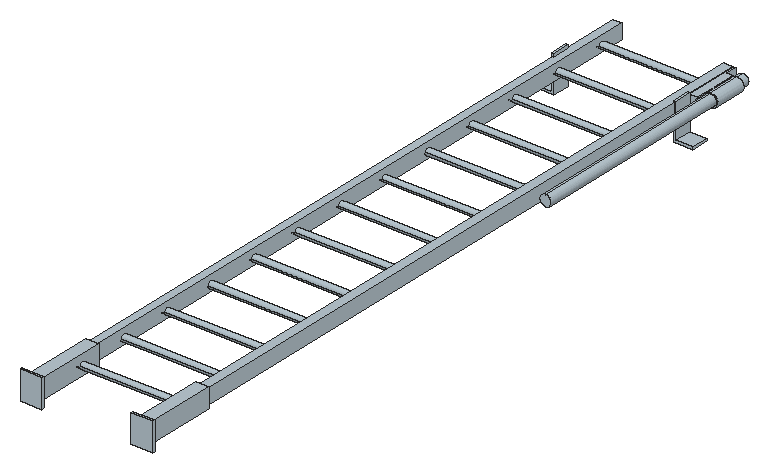
Revit family "NLRS_33_GM_FB_TC_STORAX_ladder_DLL-VM", category Generic Models, host Face, Revit 2015
Parameters (values of type "DLL-VM")
  voetplaten = false  # no
  uitstapbordes = yes
  uitschuifbare leuning = yes
  uitloopleuning = yes
  true = yes
  productgroep = "Dakluiken"  # constant formula
  omschrijving = "dakluikladder met vloer- muurbevestiging"  # constant formula
  normering = "EN ISO 14122"  # constant formula
  muurbeugels = true  # yes
  modeler = "Bouwconnect"  # constant formula
  materiaal = bcb_aluminium
  lengte ladderdeel = 3250 mm
  inhaakbeugel en weghangbakje = false  # no
  geanodiseerd = yes
  garantietermijn in jaren = 5  # constant formula
  false = not(true)  # no
  doorlopende ladderboom = yes
  conservering = "brut"  # constant formula
  code productgroep = "LUI"  # constant formula
  breedte ladderdeel 1 = 550 mm  # constant formula
  belasting totaal = 150.00 kg  # constant formula
  antislip profilering = true  # yes
  aantal sporten = 13
  URL = "http://www.storax.nl/producten/Staal/274/BV-FL-THERMO"
  Model = "DLL-VM"  # constant formula
  Manufacturer = "Storax"  # constant formula
  Default Elevation = 0 mm  # constant formula
Reference planes
  plane 1 "Center (Front/Back)": y = 0
  plane 2: z = 0
  plane 3 "Center (Left/Right)": x = 0
  plane 4 "ladder": z = 90
  plane 5: y = 3375
Forms (mm)
  Extrusion 1, solid, material "bcb_aluminium" <- "materiaal"
    sketch origin (0, 325, 317.97) x (0, -1, 0) y (1, 0, 0)
      loop
        line (-2790, -285) -> (-2710, -285) -> (-2710, -275) -> (-2790, -275) -> (-2790, -285)
    from -317.97 to -148
  Extrusion 2, solid, material "bcb_aluminium" <- "materiaal"
    sketch origin (560, 325, 317.97) x (0, -1, 0) y (1, 0, 0)
      loop
        line (-2790, -285) -> (-2710, -285) -> (-2710, -275) -> (-2790, -275) -> (-2790, -285)
    from -317.97 to -148
  Extrusion 3, solid, material "bcb_aluminium" <- "materiaal"
    sketch origin (0, 325, 317.97) x (0, -1, 0) y (1, 0, 0)
      loop
        line (-2790, -275) -> (-2790, -365) -> (-2710, -365) -> (-2710, -275) -> (-2790, -275)
    from -317.97 to -308
  Extrusion 4, solid, material "bcb_aluminium" <- "materiaal"
    sketch origin (640, 325, 317.97) x (0, -1, 0) y (1, 0, 0)
      loop
        line (-2790, -275) -> (-2790, -365) -> (-2710, -365) -> (-2710, -275) -> (-2790, -275)
    from -317.97 to -308
  Extrusion 5, solid, material "bcb_aluminium" <- "materiaal"
    sketch origin (0, 0, 317.97) x (0, -1, 0) y (1, 0, 0)
      loop
        line (-350, -285) -> (-10, -285) -> (-10, -225) -> (-350, -225) -> (-350, -285)
    from -238 to -148
  Extrusion 6, solid, material "bcb_aluminium" <- "materiaal"
    sketch origin (0, 0, 317.97) x (0, -1, 0) y (1, 0, 0)
      loop
        line (-10, -305) -> (0, -305) -> (0, -205) -> (-10, -205) -> (-10, -305)
    from -258 to -128
  Extrusion 7, solid, material "bcb_aluminium" <- "materiaal"
    sketch origin (0, 0, 317.97) x (0, -1, 0) y (1, 0, 0)
      loop
        line (-350, 285) -> (-350, 225) -> (-10, 225) -> (-10, 285) -> (-350, 285)
    from -238 to -148
  Extrusion 8, solid, material "bcb_aluminium" <- "materiaal"
    sketch origin (0, 0, 317.97) x (0, -1, 0) y (1, 0, 0)
      loop
        line (-10, 305) -> (-10, 205) -> (0, 205) -> (0, 305) -> (-10, 305)
    from -258 to -128
Cuts and joins
  joined: Extrusion 2, Extrusion 4
  joined: Extrusion 1, Extrusion 3
Dimensions and locks
  plane 4 "ladder" to plane 2 = 90 mm
  plane 5 to plane 1 "Center (Front/Back)" = 3375 mm
  aligned and locked: plane 2 to host face
  aligned and locked: level to host face
  aligned and locked: plane 3 "Center (Left/Right)" to nested 1
Nested families
  nested 1: "NLRS_33_GM_FB_TC_STORAX_vloerluik_DLL-IH_ladderdeel" at (0, 125, 90), breedte <- "breedte ladderdeel 1", hoogte <- "lengte ladderdeel", aantal sporten <- "aantal sporten", type "NLRS_33_GM_FB_TC_STORAX_vloerluik_DLL-IH_ladderdeel"
    with hoogte 3250 mm, haken no, breedte 550 mm, afstand sport 1 130 mm, afstand sport 250 mm, aantal sporten 13
  nested 2: "NLRS_33_GM_FB_TC_STORAX_vloerluik_DLL-IH_leuning" at (275, 3375, 130) x (0, 0, -1) z (1, 0, 0), type "NLRS_33_GM_FB_TC_STORAX_vloerluik_DLL-IH_leuning"
Definition of nested family "NLRS_33_GM_FB_TC_STORAX_vloerluik_DLL-IH_ladderdeel"
  Parameters (values of type "NLRS_33_GM_FB_TC_STORAX_vloerluik_DLL-IH_ladderdeel")
    productgroep = "Dakluiken"  # constant formula
    omschrijving = "dakluikladder"  # constant formula
    normering = "EN-1090"  # constant formula
    modeler = "Bouwconnect"  # constant formula
    materiaal = none
    hoogte [instance] = 2500 mm
    haken [instance] = yes
    garantietermijn in jaren = 5  # constant formula
    code productgroep = "LUI"  # constant formula
    breedte [instance] = 430 mm
    afstand sport 1 [instance] = 125 mm
    afstand sport [instance] = 250 mm
    aantal sporten [instance] = 10
    URL = "http://www.storax.nl/producten/Staal/274/BV-FL-THERMO"
    Model = "DLL-IH"  # constant formula
    Manufacturer = "Storax"  # constant formula
    Default Elevation = 0 mm  # constant formula
  Reference planes
    plane 1 "Center (Front/Back)": y = 0
    plane 2: z = 0
    plane 3 "Center (Left/Right)": x = 0
    plane 4: x = 215
    plane 5: x = -215
    plane 6: x = 175
    plane 7: x = -175
    plane 8: y = 125
    plane 9: y = 375
    plane 10: y = 2500
    plane 11: y = 2375
  Forms (mm)
    Extrusion 1, solid, not visible
      sketch origin (0, 0, 0) x (1, 0, 0) y (0, 1, 0)
        loop
          line (-2490.5, 3400) -> (-2490.5, -2478.769) -> (2053.963, -2478.769) -> (2053.963, 3400) -> (-2490.5, 3400)
      from 0 to -100
    Extrusion 2, solid, material <- "materiaal"
      sketch origin (0, 0, 0) x (0, 1, 0) y (0, 0, 1)
        loop
          line (0, 70) -> (0, 0) -> (2500, 0) -> (2500, 70) -> (0, 70)
      from 175 to 215
    Extrusion 3, solid, material <- "materiaal"
      sketch origin (0, 0, 0) x (0, 1, 0) y (0, 0, 1)
        loop
          line (0, 70) -> (0, 0) -> (2500, 0) -> (2500, 70) -> (0, 70)
      from -215 to -175
    Extrusion 4, solid, material <- "materiaal", visible <- "haken"
      sketch origin (0, 0, 0.429) x (0, 1, 0) y (0, 0, 1)
        loop
          line (2327.272, -10.429) -> (2477.272, -10.429)
          arc (2477.272, -10.429) -> (2502.272, -35.429) -> (2477.272, -60.429) r 25
          line (2477.272, -60.429) -> (2462.272, -60.429) -> (2462.272, -70.429) -> (2477.272, -70.429)
          arc (2477.272, -70.429) -> (2512.272, -35.429) -> (2477.272, -0.429) r 35
          line (2477.272, -0.429) -> (2327.272, -0.429) -> (2327.272, -10.429)
      from 175 to 215
    Extrusion 5, solid, material <- "materiaal", visible <- "haken"
      sketch origin (0, 0, 0.429) x (0, 1, 0) y (0, 0, -1)
        loop
          line (2327.272, 10.429) -> (2327.272, 0.429) -> (2477.272, 0.429)
          arc (2477.272, 0.429) -> (2512.272, 35.429) -> (2477.272, 70.429) r 35
          line (2477.272, 70.429) -> (2462.272, 70.429) -> (2462.272, 60.429) -> (2477.272, 60.429)
          arc (2477.272, 60.429) -> (2502.272, 35.429) -> (2477.272, 10.429) r 25
          line (2477.272, 10.429) -> (2327.272, 10.429)
      from 175 to 215
  Dimensions and locks
    "breedte": plane 5 to plane 4
    equal spacing: plane 5, plane 3 "Center (Left/Right)", plane 4
    locked: plane 5 to plane 7 at 40
    locked: plane 6 to plane 4 at 40
    "afstand sport": plane 9 to plane 8
    "afstand sport 1": plane 1 "Center (Front/Back)" to plane 8
    "hoogte": plane 1 "Center (Front/Back)" to plane 10
    locked: plane 11 to plane 10 at 125
    equal spacing: group 1, group 2, group 3, group 4, group 5, group 6, group 7, group 8, group 9, group 10  (x3)
    aligned and locked: Extrusion 1 to plane 2
    aligned and locked: Extrusion 1 to level
    aligned and locked: plane 4 to Extrusion 2
    aligned and locked: Extrusion 2 to plane 6
    aligned and locked: Extrusion 3 to plane 5
    aligned and locked: Extrusion 3 to plane 7
    aligned and locked: nested 1 to plane 8
    aligned and locked: plane 3 "Center (Left/Right)" to nested 1
    aligned and locked: Extrusion 3 to plane 10
    aligned and locked: Extrusion 2 to plane 10
    aligned and locked: plane 4 to Extrusion 4
    aligned and locked: Extrusion 4 to plane 6
    aligned and locked: Extrusion 5 to plane 7
    aligned and locked: Extrusion 5 to plane 5
    aligned and locked: nested 2 to plane 9
  Automatic sketch dimensions
    Extrusion 1 sketch curve to Extrusion 1 sketch curve = 4544.463 mm
    Extrusion 1 sketch curve to Extrusion 1 sketch curve = 5878.769 mm
    Extrusion 2 sketch curve to plane 1 "Center (Front/Back)" = 0 mm
    level to Extrusion 2 sketch curve = 0 mm
    Extrusion 2 sketch curve to plane 10 = 0 mm
    level to Extrusion 2 sketch curve = 70 mm
    Extrusion 3 sketch curve to level = 0 mm
    Extrusion 3 sketch curve to plane 1 "Center (Front/Back)" = 0 mm
    Extrusion 3 sketch curve to plane 10 = 0 mm
    Extrusion 3 sketch curve to Extrusion 3 sketch curve = 70 mm
    Extrusion 4 sketch curve to Extrusion 4 sketch curve = 0 mm  (x2)
    level to Extrusion 4 sketch curve = 0 mm
    plane 11 to Extrusion 4 sketch curve = 47.728 mm
    plane 10 to Extrusion 4 sketch curve = 37.728 mm
    plane 10 to Extrusion 4 sketch curve = 22.728 mm
    Extrusion 4 sketch curve to Extrusion 4 sketch curve = 10 mm
    Extrusion 4 sketch curve to Extrusion 4 sketch curve = 25 mm
    Extrusion 5 sketch curve to Extrusion 5 sketch curve = 0 mm  (x2)
    Extrusion 5 sketch curve to level = 0 mm
    plane 11 to Extrusion 5 sketch curve = 47.728 mm
    plane 10 to Extrusion 5 sketch curve = 37.728 mm
    plane 10 to Extrusion 5 sketch curve = 22.728 mm
    Extrusion 5 sketch curve to Extrusion 5 sketch curve = 10 mm
    Extrusion 5 sketch curve to Extrusion 5 sketch curve = 25 mm
  Nested families
    nested 1: "NLRS_33_GM_FB_TC_STORAX_vloerluik_DLL-IH_sport" at (0, 125, 0), type "NLRS_33_GM_FB_TC_STORAX_vloerluik_DLL-IH_sport"
      with breedte 430 mm
    nested 2: "NLRS_33_GM_FB_TC_STORAX_vloerluik_DLL-IH_sport" at (0, 375, 0), type "NLRS_33_GM_FB_TC_STORAX_vloerluik_DLL-IH_sport"
      with breedte 430 mm
    nested 3: "NLRS_33_GM_FB_TC_STORAX_vloerluik_DLL-IH_sport" at (0, 625, 0), type "NLRS_33_GM_FB_TC_STORAX_vloerluik_DLL-IH_sport"
      with breedte 430 mm
    nested 4: "NLRS_33_GM_FB_TC_STORAX_vloerluik_DLL-IH_sport" at (0, 875, 0), type "NLRS_33_GM_FB_TC_STORAX_vloerluik_DLL-IH_sport"
      with breedte 430 mm
    nested 5: "NLRS_33_GM_FB_TC_STORAX_vloerluik_DLL-IH_sport" at (0, 1125, 0), type "NLRS_33_GM_FB_TC_STORAX_vloerluik_DLL-IH_sport"
      with breedte 430 mm
    nested 6: "NLRS_33_GM_FB_TC_STORAX_vloerluik_DLL-IH_sport" at (0, 1375, 0), type "NLRS_33_GM_FB_TC_STORAX_vloerluik_DLL-IH_sport"
      with breedte 430 mm
    nested 7: "NLRS_33_GM_FB_TC_STORAX_vloerluik_DLL-IH_sport" at (0, 1625, 0), type "NLRS_33_GM_FB_TC_STORAX_vloerluik_DLL-IH_sport"
      with breedte 430 mm
    nested 8: "NLRS_33_GM_FB_TC_STORAX_vloerluik_DLL-IH_sport" at (0, 1875, 0), type "NLRS_33_GM_FB_TC_STORAX_vloerluik_DLL-IH_sport"
      with breedte 430 mm
    nested 9: "NLRS_33_GM_FB_TC_STORAX_vloerluik_DLL-IH_sport" at (0, 2125, 0), type "NLRS_33_GM_FB_TC_STORAX_vloerluik_DLL-IH_sport"
      with breedte 430 mm
    nested 10: "NLRS_33_GM_FB_TC_STORAX_vloerluik_DLL-IH_sport" at (0, 2375, 0), type "NLRS_33_GM_FB_TC_STORAX_vloerluik_DLL-IH_sport"
      with breedte 430 mm
  Definition of nested family "NLRS_33_GM_FB_TC_STORAX_vloerluik_DLL-IH_sport"
    Parameters (values of type "NLRS_33_GM_FB_TC_STORAX_vloerluik_DLL-IH_sport")
      productgroep = "Dakluiken"  # constant formula
      omschrijving = "dakluikladder"  # constant formula
      modeler = "Bouwconnect"  # constant formula
      materiaal = none
      garantietermijn in jaren = 5  # constant formula
      code productgroep = "LUI"  # constant formula
      breedte = 500 mm
      URL = "http://www.storax.nl/producten/Staal/274/BV-FL-THERMO"
      Model = "DLL-IH"  # constant formula
      Manufacturer = "Storax"  # constant formula
      Default Elevation = 0 mm  # constant formula
    Reference planes
      plane 1 "Center (Front/Back)": y = 0
      plane 2: z = 0
      plane 3 "Center (Left/Right)": x = 0
      plane 4: x = 250
      plane 5: x = -250
      plane 6: x = 225
      plane 7: x = -225
    Forms (mm)
      Extrusion 1, solid, not visible
        sketch origin (0, 0, 0) x (1, 0, 0) y (0, 1, 0)
          loop
            line (-2490.5, 3400) -> (-2490.5, -2478.769) -> (2053.963, -2478.769) -> (2053.963, 3400) -> (-2490.5, 3400)
        from 0 to -100
      Extrusion 2, solid, material <- "materiaal"
        sketch origin (0, -125, 0) x (0, 1, 0) y (0, 0, 1)
          loop
            circle (125, 35) r 15
        from -225 to 225
    Dimensions and locks
      "breedte": plane 5 to plane 4
      equal spacing: plane 5, plane 3 "Center (Left/Right)", plane 4
      locked: plane 5 to plane 7 at 25
      locked: plane 6 to plane 4 at 25
      aligned and locked: Extrusion 1 to plane 2
      aligned and locked: Extrusion 1 to level
      aligned and locked: plane 7 to Extrusion 2
      aligned and locked: Extrusion 2 to plane 7  (x2)
      aligned and locked: plane 6 to Extrusion 2
      aligned and locked: Extrusion 2 to plane 6
    Automatic sketch dimensions
      Extrusion 1 sketch curve to Extrusion 1 sketch curve = 4544.463 mm
      Extrusion 1 sketch curve to Extrusion 1 sketch curve = 5878.769 mm
      level to Extrusion 2 sketch curve = 35 mm
      Extrusion 2 sketch curve to plane 1 "Center (Front/Back)" = 0 mm
      radius of Extrusion 2 sketch curve = 15 mm
Definition of nested family "NLRS_33_GM_FB_TC_STORAX_vloerluik_DLL-IH_leuning"
  Parameters (values of type "NLRS_33_GM_FB_TC_STORAX_vloerluik_DLL-IH_balustrade")
    uitgeschoven = 1145 mm
    productgroep = "Dakluiken"  # constant formula
    omschrijving = "dakluikladder"  # constant formula
    normering = "EN-1090"  # constant formula
    modeler = "Bouwconnect"  # constant formula
    materiaal = none
    garantietermijn in jaren = 10  # constant formula
    code productgroep = "LUI"  # constant formula
    URL = "http://www.storax.nl/producten/Staal/274/BV-FL-THERMO"
    Model = "DLL-IH"  # constant formula
    Manufacturer = "Storax"  # constant formula
    Default Elevation = 0 mm  # constant formula
  Reference planes
    plane 1 "Center (Front/Back)": y = 0
    plane 2: z = 0
    plane 3 "Center (Left/Right)": x = 0
    plane 4: y = -1145
    plane 5: y = -10
  Forms (mm)
    Extrusion 1, solid, not visible
      sketch origin (-209.5, -3090, 0) x (1, 0, 0) y (0, 1, 0)
        loop
          line (-50.5, 3400) -> (-50.5, 1850.477) -> (543.877, 1850.477) -> (543.877, 3400) -> (-50.5, 3400)
      from 0 to -100
    Extrusion 2, solid, material <- "materiaal"
      sketch origin (-287.97, 0, 0) x (0, -1, 0) y (0, 0, 1)
        loop
          line (0, 0) -> (250, 0) -> (250, 40) -> (50, 40) -> (50, 15) -> (0, 15) -> (0, 0)
      from -317.97 to -257.97
    Extrusion 3, solid, material <- "materiaal"
      sketch origin (30, 0, 0) x (0, 0, 1) y (-1, 0, 0)
        loop
          line (40, 60) -> (40, 58) -> (60, 58)
          arc (60, 58) -> (88, 30) -> (60, 2) r 28
          line (60, 2) -> (40, 2) -> (40, 0) -> (60, 0)
          arc (60, 0) -> (90, 30) -> (60, 60) r 30
          line (60, 60) -> (40, 60)
      from 50.163 to 200
    Extrusion 4, void
      sketch origin (30, 0, 0) x (0, 0, 1) y (-1, 0, 0)
        loop
          arc (55, 58) -> (27, 30) -> (55, 2) r 28
          line (55, 2) -> (55, 58)
      from 0 to 250
    Extrusion 5, solid, material <- "materiaal"
      sketch origin (0, 0, 0) x (1, 0, 0) y (0, 0, 1)
        loop
          circle (0, 55) r 25
      from 10 to 1145
  Cuts and joins
    Extrusion 4 cuts Extrusion 2
    joined: Extrusion 2, Extrusion 3
  Dimensions and locks
    locked: plane 4 to plane 5 at 1135
    "uitgeschoven": plane 4 to plane 1 "Center (Front/Back)"
    aligned and locked: plane 2 to Extrusion 1
    aligned and locked: level to Extrusion 1
    aligned and locked: plane 4 to Extrusion 5
    aligned and locked: Extrusion 5 to plane 5
  Automatic sketch dimensions
    Extrusion 1 sketch curve to Extrusion 1 sketch curve = 594.377 mm
    Extrusion 1 sketch curve to Extrusion 1 sketch curve = 1549.523 mm
    Extrusion 2 sketch curve to level = 0 mm
    Extrusion 2 sketch curve to plane 1 "Center (Front/Back)" = 0 mm
    plane 5 to Extrusion 2 sketch curve = 40 mm
    Extrusion 2 sketch curve to Extrusion 2 sketch curve = 200 mm
    Extrusion 2 sketch curve to Extrusion 2 sketch curve = 15 mm
    Extrusion 2 sketch curve to Extrusion 2 sketch curve = 40 mm
    Extrusion 3 sketch curve to Extrusion 3 sketch curve = 0 mm  (x2)
    Extrusion 3 sketch curve to plane 3 "Center (Left/Right)" = 0 mm
    level to Extrusion 3 sketch curve = 40 mm  (x2)
    Extrusion 3 sketch curve to Extrusion 3 sketch curve = 20 mm
    plane 3 "Center (Left/Right)" to Extrusion 3 sketch curve = 28 mm
    Extrusion 3 sketch curve to Extrusion 3 sketch curve = 2 mm
    Extrusion 4 sketch curve to plane 3 "Center (Left/Right)" = 0 mm
    level to Extrusion 4 sketch curve = 55 mm
    plane 3 "Center (Left/Right)" to Extrusion 4 sketch curve = 28 mm
    Extrusion 5 sketch curve to plane 3 "Center (Left/Right)" = 0 mm
    level to Extrusion 5 sketch curve = 55 mm
    radius of Extrusion 5 sketch curve = 25 mm
